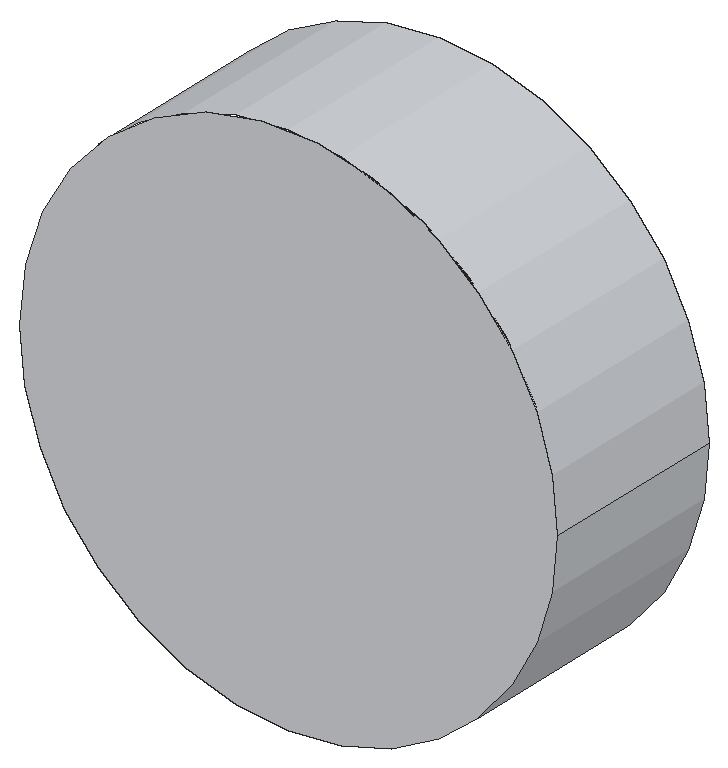
Revit family "Building-ContenitoriIncasso-GEWISS-24SC-SCATOLE-INCASSO_TONDA_COMPONIBILE", category Apparecchi elettrici, host Muro, Revit 2016
Family settings
  Host = Muro
  Mantenere orientamento annotazione = Sì
  Tipo di parte = Normale
  Quota connettore circolare = Usa diametro
  Numero OmniClass = 23.80.30.14.24
  Titolo OmniClass = Junction Boxes
  Sempre verticale = Sì
  Taglio con vuoti quando caricato = Sì
  Condiviso = Sì
  Punto di calcolo locali = Sì
Parameters (values of type "GW24232 - Scatola rotonda componibile")
  Versione file RFA = "19.0"
  URL = "https://www.gewiss.com/it/it"
  Termopressione con biglia = "70 °C"
  Temperatura di impiego = "-15 +60 °C"
  Scheda Tecnica = "https://www.gewiss.com/it/it/search?q=GW24232"
  SEO = "Scatola"
  Produttore = "GEWISS S.p.A."
  Per Pareti = "Muratura"
  Modello = "GW24232"
  Interasse fissaggio supporti = "60MM"
  Installazione = "Incasso"
  Immagine tipo = GW24232.jpg
  IFC.TypeObject = ""
  IFC.ExportType = ""
  IFC.ExportAs = ""
  IDT = "d3faba48-2ce0-441e-8284-55e0996afa80"
  IDF = "9676771c-21f7-43f8-bcd4-0edc71109c78"
  Glow Wire Test = "650°C"
  Dimensioni (mm) = "Ø60x42"
  Descrizione: = "Tonda componibile"
  Descrizione = "SCATOLA ROTONDA COMPONIBILE"
  Creato da GEWISS S.p.A. = ""
  Codice Electrocod = "0210"
  Codice EAN = "8011564072312"
  Catalogo Serie = "24SC"
  Catalogo = "BUILDING"
  Caratteristiche = "Halogen free"
  COBie.Tagnumber = ""
  COBie.CreatedOn = ""
  COBie.CreatebBy = ""
  COBie.ComponentRegisterItemID = ""
  COBie.Component.TagNumber = ""
  COBie.Component.Space = ""
  COBie.Component.SerialNumber = ""
  COBie.Component.InstallationDate = ""
  COBie.Component.Description = ""
  COBie.Component.BarCode = ""
Reference planes
  plane 1 "Muro": y = 0
  plane 2 "Centro (Sinistra/Destra)": x = 125
  plane 3 "Indietro": y = 75
  plane 4: y = 33
  plane 5: y = 38
Forms (mm)
  Extrusion 1, solid
    sketch origin (0, 0, -607.389) x (1, 0, 0) y (0, 0, 1)
      loop
        circle (125, 1113.389) r 60
    from -75 to -33
  Extrusion 2, void
    sketch origin (0, 105, -607.389) x (1, 0, 0) y (0, 0, 1)
      loop
        circle (125, 1113.389) r 55
    from 30 to 67
  Extrusion 3, void
    sketch origin (0, 65, -607.389) x (1, 0, 0) y (0, 0, 1)
      loop
        circle (125, 1113.389) r 60
    from -10 to 32
Cuts and joins
  Extrusion 2 cuts Extrusion 1
Text (mm)
  text "Lato posizionamento" at (-1848.837, 1116.779, 0), in view "Livello rif."
  text "Lato posizionamento" at (0, 1409.804, 2854.306), in view "Sinistra"
  text "Lato posizionamento" at (0, 499.811, 2980.732), in view "Destra"
Dimensions and locks
  locked: plane 3 "Indietro" to host wall
  locked: plane 4 to plane 3 "Indietro" at 42
  plane 5 to plane 4 = 5 mm
  aligned and locked: plane 1 "Muro" to host wall
  aligned and locked: Extrusion 1 to plane 4
  aligned and locked: Extrusion 1 to plane 3 "Indietro"
  aligned and locked: Extrusion 2 to plane 5
  aligned and locked: Extrusion 2 to plane 3 "Indietro"
  aligned and locked: Extrusion 3 to plane 4
  aligned and locked: Extrusion 3 to plane 3 "Indietro"
